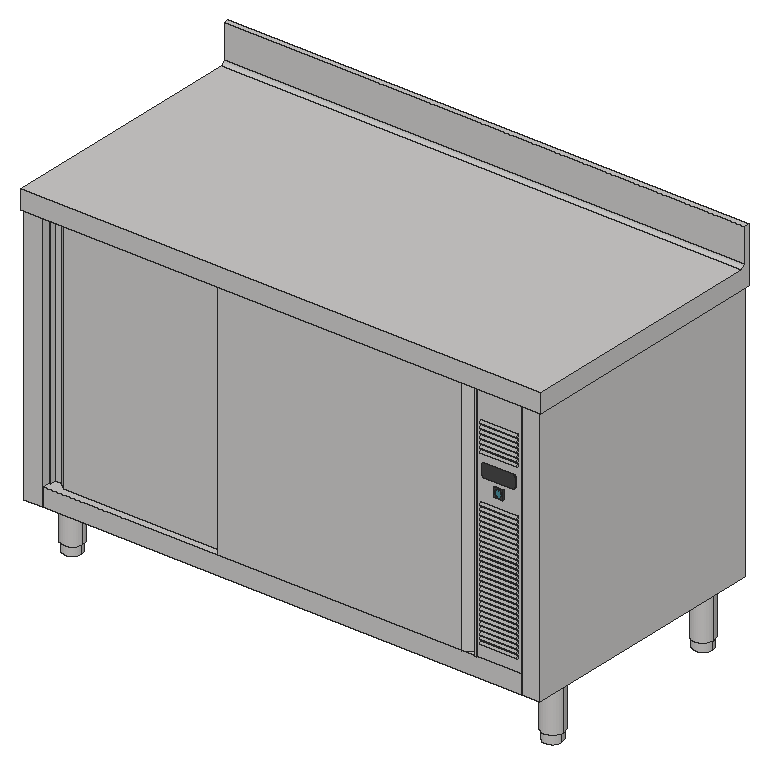
Revit family "QF_ELECTROLUXPROFESSIONAL_133094_TC1410EN", category Attrezzature speciali, Revit 2020
Family settings
  Quota connettore circolare = Usa diametro
  Tipo di parte = Normale
  Basato su piano di lavoro = No
  Sempre verticale = Sì
  Taglio con vuoti quando caricato = No
  Condiviso = No
  Punto di calcolo locali = No
Parameters (values of type "Standard")
  Weight = 60.00 kg
  Watts = 2400 W
  Volts = 220 V
  URL Manufacturer = "https://www.electroluxprofessional.com/"
  URL = "https://www.electroluxprofessional.com/"
  Steam Supply Size = 0 mm
  Steam Supply Minimum Pressure = 0.0 Pa
  Steam Supply Maximum Pressure = 0.0 Pa
  Steam Consumption per Hour = 0
  Refrigeration Suction Line Size = 0.0 mm
  Refrigeration Liquid Line Size = 0.0 mm
  Refrigerant Compressor Remote = yes
  Prospetto di default = 0.0 mm
  Produttore = "Electrolux Professional"
  Phase = 1
  Modello = "TC1410EN"
  Length Actual = 1400.0 mm  # constant formula
  Item Number = "133094"
  Hot Water Size = 0 mm
  Height Actual = 1000.0 mm  # constant formula
  HP = "3.2 HP"
  Gas Size = 0 mm
  Gas KW = 0
  Gas Input Pressure = 0 W
  Direct Waste Size = 0 mm
  Descrizione = "HOT CUPBOARD WITH UPSTAND 1400 MM"
  Depth Actual = 700.0 mm  # constant formula
  Cycle = 50 Hz
  Condensate Return Size = 0 mm
  Compressed Air Volume = 0.0 L/s
  Compressed Air Size = 0 mm
  Compressed Air Pressure = 0.0 Pa
  Cold Water Size = 0 mm
  Accessory = yes
Reference planes
  plane 1 "Center (Front/Back)": y = 0
  plane 2: z = 0
  plane 3 "Center (Left/Right)": x = -200
  plane 4 "LEFT": x = -900
  plane 5 "RIGHT": x = 500
  plane 6 "BACK": y = 350
  plane 7 "FRONT": y = -350
  plane 8 "Base": z = 850
  plane 9 "TOP": z = 900
  plane 10: x = -846.5
  plane 11: x = 446.5
  plane 12: y = 264.5
  plane 13: y = -241.5
  plane 14 "BodyLeft": x = -894.5
  plane 15 "BodyFront": y = -344.5
  plane 16 "BodyRight": x = 494.5
  plane 17 "BodyBack": y = 344.5
  plane 18 "FEET": z = 150
  plane 19: x = 324.5
  plane 20: x = -261
  plane 21: x = 444.5
  plane 22 "EIx": x = 400
  plane 23 "EIy": y = -170
Forms (mm)
  Extrusion 1, solid, material "QF_Finishes_Stainless Steel"
    sketch origin (-200, 0, 0) x (0, 1, 0) y (0, 0, 1)
      loop
        line (-350, 850) -> (350, 850) -> (350, 1000) -> (337, 1000) -> (337, 910)
        arc (337, 910) -> (334.071, 902.929) -> (327, 900) r 10
        line (327, 900) -> (-350, 900) -> (-350, 850)
    from 700 to -700
  Extrusion 2, solid, material "QF_Finishes_Stainless Steel"
    sketch origin (0, 0, 150) x (-1, 0, 0) y (0, -1, 0)
      loop
        line (894.5, -344.5) -> (894.5, 344.5) -> (844.5, 344.5) -> (844.5, -344.5) -> (894.5, -344.5)
      loop
        line (-444.5, -344.5) -> (-444.5, 344.5) -> (-494.5, 344.5) -> (-494.5, -344.5) -> (-444.5, -344.5)
    from 0 to 700
  Extrusion 3, solid, material "QF_Finishes_Stainless Steel"
    sketch origin (0, 0, 150) x (-1, 0, 0) y (0, -1, 0)
      loop
        line (844.5, -344.5) -> (844.5, 344.5) -> (-444.5, 344.5) -> (-444.5, -344.5) -> (844.5, -344.5)
    from 0 to 50
  Extrusion 4, solid, material "QF_Finishes_Stainless Steel"
    sketch origin (-1, 0, 150) x (-1, 0, 0) y (0, -1, 0)
      loop
        line (-325.5, 344.5) -> (-325.5, 324.5) -> (370.5, 324.5) -> (370.5, 344.5) -> (-285.5, 344.5) -> (-305.5, 329.5) -> (-320.5, 329.5) -> (-320.5, 344.5) -> (-325.5, 344.5)
    from 50 to 700
  Extrusion 5, solid, material "QF_Finishes_Stainless Steel"
    sketch origin (1, 20, 150) x (1, 0, 0) y (0, 1, 0)
      loop
        line (-845.5, -344.5) -> (-840.5, -344.5) -> (-840.5, -329.5) -> (-825.5, -329.5) -> (-805.5, -344.5) -> (-151.5, -344.5) -> (-151.5, -324.5) -> (-845.5, -324.5) -> (-845.5, -344.5)
    from 50 to 700
  Extrusion 6, solid, material "QF_Finishes_Stainless Steel"
    sketch origin (0, 0, 0) x (1, 0, 0) y (0, 1, 0)
      loop
        line (-844.5, -304.5) -> (324.5, -304.5) -> (324.5, 324.5) -> (-844.5, 324.5) -> (-844.5, -304.5)
    from 500 to 540
  Extrusion 7, solid, material "QF_Finishes_Stainless Steel"
    sketch origin (0, 0, 0) x (1, 0, 0) y (0, 1, 0)
      loop
        line (444.5, 344.5) -> (-844.5, 344.5) -> (-844.5, 324.5) -> (444.5, 324.5) -> (444.5, 344.5)
    from 200 to 850
  Extrusion 8, solid, material "QF_Finishes_Stainless Steel"
    sketch origin (0, 0, 150) x (-1, 0, 0) y (0, -1, 0)
      loop
        circle (-400, 170) r 10
    from 0 to -5
Cuts and joins
  joined: Extrusion 3, Extrusion 7
Lines and regions (mm)
  symbolic lines
    curve 1: line (500, 350, 900) -> (-900, 350, 900)
    curve 2: line (-900, 350, 900) -> (-900, -350, 900)
    curve 3: line (-900, -350, 900) -> (500, -350, 900)
    curve 4: line (500, -350, 900) -> (500, 350, 900)
    curve 15: line (500, 337, 900) -> (-900, 337, 900)
  symbolic lines, style "SpecialityEquipmentHiddenLines"
    curve 5: line (-894.5, 344.5, 150) -> (494.5, 344.5, 150)
    curve 6: line (-894.5, -344.5, 150) -> (-894.5, 344.5, 150)
    curve 7: line (494.5, -344.5, 150) -> (-894.5, -344.5, 150)
    curve 8: line (494.5, 344.5, 150) -> (494.5, -344.5, 150)
    curve 9: line (-845.5, -304.5, 150) -> (-149.5, -304.5, 150)
    curve 10: line (-149.5, -304.5, 150) -> (-149.5, -324.5, 150)
    curve 11: line (-845.5, -324.5, 150) -> (324.5, -324.5, 150)
    curve 12: line (324.5, -324.5, 150) -> (324.5, -344.5, 150)
    curve 13: line (-845.5, -304.5, 150) -> (-845.5, -324.5, 150)
    curve 14: line (-371.5, -344.5, 0) -> (-371.5, -324.5, 0)
Dimensions and locks
  plane 4 "LEFT" to plane 5 "RIGHT" = 1400.0 mm
  equal spacing: plane 4 "LEFT", plane 3 "Center (Left/Right)", plane 5 "RIGHT"
  locked: plane 8 "Base" to level at 850
  plane 9 "TOP" to level = 900.0 mm
  plane 6 "BACK" to plane 7 "FRONT" = 700.0 mm
  equal spacing: plane 6 "BACK", plane 1 "Center (Front/Back)", plane 7 "FRONT"
  locked: plane 4 "LEFT" to plane 14 "BodyLeft" at 5.5
  locked: plane 16 "BodyRight" to plane 5 "RIGHT" at 5.5
  locked: plane 15 "BodyFront" to plane 7 "FRONT" at 5.5
  locked: plane 6 "BACK" to plane 17 "BodyBack" at 5.5
  locked: plane 14 "BodyLeft" to plane 10 at 48
  locked: plane 11 to plane 16 "BodyRight" at 48
  locked: plane 13 to plane 15 "BodyFront" at 103
  locked: plane 17 "BodyBack" to plane 12 at 80
  plane 10 to plane 11 = 1293.0 mm
  plane 12 to plane 13 = 506.0 mm
  locked: plane 14 "BodyLeft" to Extrusion 2 sketch curve at 50
  locked: Extrusion 2 sketch curve to Extrusion 2 sketch curve at 50
  equal spacing: plane 10, plane 20, plane 19
  locked: plane 21 to plane 16 "BodyRight" at 50
  locked: plane 19 to plane 21 at 120
  locked: Extrusion 4 sketch curve to plane 20 at 110.5
  locked: plane 20 to Extrusion 5 sketch curve at 110.5
  locked: plane 18 "FEET" to level at 150
  locked: plane 22 "EIx" to plane 5 "RIGHT" at 100
  plane 23 "EIy" to plane 7 "FRONT" = 180.0 mm
  locked: Extrusion 1 to level at 1000
  aligned and locked: level to plane 2
  aligned and locked: plane 10 to nested 1
  aligned and locked: nested 1 to plane 13
  aligned and locked: plane 11 to nested 2
  aligned and locked: nested 2 to plane 13
  aligned and locked: plane 11 to nested 4
  aligned and locked: nested 4 to plane 12
  aligned and locked: plane 10 to nested 3
  aligned and locked: nested 3 to plane 12
  aligned and locked: Extrusion 1 to plane 4 "LEFT"
  aligned and locked: plane 5 "RIGHT" to Extrusion 1
  aligned and locked: curve 2 to plane 4 "LEFT"
  aligned and locked: plane 17 "BodyBack" to Extrusion 2 sketch curve
  aligned and locked: Extrusion 2 sketch curve to plane 15 "BodyFront"
  aligned and locked: Extrusion 2 sketch curve to plane 14 "BodyLeft"
  aligned and locked: plane 16 "BodyRight" to Extrusion 2 sketch curve
  aligned and locked: Extrusion 2 sketch curve to plane 17 "BodyBack"
  aligned and locked: plane 15 "BodyFront" to Extrusion 2 sketch curve
  aligned and locked: Extrusion 3 sketch curve to plane 17 "BodyBack"
  aligned and locked: plane 15 "BodyFront" to Extrusion 3 sketch curve
  aligned and locked: plane 8 "Base" to Extrusion 2
  aligned and locked: plane 8 "Base" to Extrusion 4
  aligned and locked: Extrusion 4 to Extrusion 3
  aligned and locked: Extrusion 1 to plane 8 "Base"
  aligned and locked: plane 9 "TOP" to Extrusion 1
  aligned and locked: curve 5 to plane 17 "BodyBack"
  aligned and locked: plane 14 "BodyLeft" to curve 6
  aligned and locked: plane 15 "BodyFront" to curve 7
  aligned and locked: plane 16 "BodyRight" to curve 8
  aligned and locked: Extrusion 3 to Extrusion 2  (x2)
  aligned and locked: Extrusion 6 sketch curve to Extrusion 2
  aligned and locked: Extrusion 6 sketch curve to Extrusion 5
  aligned and locked: nested 5 to plane 21
  aligned and locked: Extrusion 7 sketch curve to Extrusion 2
  aligned and locked: Extrusion 6 sketch curve to plane 19
Automatic sketch dimensions
  Extrusion 8 sketch curve to plane 22 "EIx" = 0.0 mm
  Extrusion 8 sketch curve to plane 23 "EIy" = 0.0 mm
  curve 14 to plane 15 "BodyFront" = 0.0 mm
  plane 15 "BodyFront" to curve 14 = 20.0 mm
  curve 14 to plane 20 = 110.5 mm
  curve 3 to plane 7 "FRONT" = 0.0 mm
  curve 15 to plane 5 "RIGHT" = 0.0 mm
  curve 4 to plane 6 "BACK" = 0.0 mm
  curve 15 to plane 17 "BodyBack" = 7.5 mm
  Extrusion 1 sketch curve to plane 7 "FRONT" = 0.0 mm
  Extrusion 1 sketch curve to plane 9 "TOP" = 0.0 mm
  Extrusion 1 sketch curve to plane 6 "BACK" = 0.0 mm
  Extrusion 1 sketch curve to plane 8 "Base" = 0.0 mm
  Extrusion 1 sketch curve to plane 17 "BodyBack" = 17.5 mm
  Extrusion 1 sketch curve to plane 17 "BodyBack" = 7.5 mm
  Extrusion 1 sketch curve to Extrusion 1 sketch curve = 90.0 mm
  Extrusion 3 sketch curve to plane 21 = 0.0 mm
  plane 10 to Extrusion 3 sketch curve = 2.0 mm
  Extrusion 4 sketch curve to plane 19 = 0.0 mm
  Extrusion 4 sketch curve to plane 15 "BodyFront" = 0.0 mm  (x2)
  Extrusion 4 sketch curve to Extrusion 4 sketch curve = 5.0 mm
  Extrusion 4 sketch curve to Extrusion 4 sketch curve = 15.0 mm  (x2)
  Extrusion 4 sketch curve to Extrusion 4 sketch curve = 20.0 mm  (x2)
  Extrusion 5 sketch curve to plane 15 "BodyFront" = 20.0 mm  (x2)
  Extrusion 5 sketch curve to plane 10 = 42.0 mm
  Extrusion 5 sketch curve to plane 10 = 22.0 mm
  Extrusion 5 sketch curve to plane 10 = 7.0 mm
  Extrusion 5 sketch curve to plane 10 = 2.0 mm
  Extrusion 5 sketch curve to Extrusion 5 sketch curve = 15.0 mm
  Extrusion 5 sketch curve to Extrusion 5 sketch curve = 20.0 mm
  curve 12 to plane 19 = 0.0 mm
  curve 7 to plane 15 "BodyFront" = 0.0 mm
  plane 3 "Center (Left/Right)" to curve 10 = 50.5 mm
  plane 10 to curve 13 = 1.0 mm
  plane 15 "BodyFront" to curve 9 = 40.0 mm
  plane 15 "BodyFront" to curve 11 = 20.0 mm
  Extrusion 6 sketch curve to plane 17 "BodyBack" = 20.0 mm
  Extrusion 7 sketch curve to plane 21 = 0.0 mm
  Extrusion 7 sketch curve to plane 17 "BodyBack" = 0.0 mm
  Extrusion 7 sketch curve to Extrusion 7 sketch curve = 20.0 mm
  radius of Extrusion 8 sketch curve = 10.0 mm
Nested families
  nested 1: "FEET_D58-150" at (-846.5, -241.5, 0), type "FEET_D58-150"
  nested 2: "FEET_D58-150" at (446.5, -241.5, 0), type "FEET_D58-150"
  nested 3: "FEET_D58-150" at (-846.5, 264.5, 0), type "FEET_D58-150"
  nested 4: "FEET_D58-150" at (446.5, 264.5, 0), type "FEET_D58-150"
  nested 5: "WT_PNL120x650" at (531.42, -304.5, 600) x (1, 0, 0) z (0, -1, 0), type "WT_PNL120x650"
    with Show Logo yes
Connectors
  electrical at (400, -170, 145)
    settings: on Extrusion 8, index 1, voltage 0 V, apparent load 0 VA, apparent load phase1 0 VA, apparent load phase2 0 VA, apparent load phase3 0 VA, power factor 1, load classification "Other", number of poles 1, system type 30, power factor state 1, is connector primary yes, connector utility no, sub classification motor no, connector description "Electrical connection"
Definition of nested family "FEET_D58-150"
  Parameters
    Default Elevation = 0.0 mm
    FEET = 150.0 mm
  Reference planes
    plane 1 "Center (Front/Back)": y = 0
    plane 2: z = 0
    plane 3 "Center (Left/Right)": x = 0
    plane 4: z = 150
  Forms (mm)
    Extrusion 1, solid
      sketch origin (0, 0, 0) x (1, 0, 0) y (0, 1, 0)
        loop
          circle (0, 0) r 25
      from 0 to 25
    Extrusion 2, solid
      sketch origin (0, 0, 0) x (1, 0, 0) y (0, 1, 0)
        loop
          circle (0.061, 0) r 29
      from 25 to 150 <- "FEET"
  Lines and regions (mm)
    symbolic lines
      curve 1: line (0, -1.503, 0) -> (0, 1.508, 0)
      curve 2: line (1.561, 0, 0) -> (-1.439, 0, 0)
  Dimensions and locks
    "FEET": plane 4 to plane 2
    aligned and locked: level to plane 2
  Automatic sketch dimensions
    plane 1 "Center (Front/Back)" to Extrusion 1 sketch curve = 0.0 mm
    Extrusion 1 sketch curve to plane 3 "Center (Left/Right)" = 0.0 mm
    plane 1 "Center (Front/Back)" to curve 2 = 0.0 mm
    curve 1 to plane 3 "Center (Left/Right)" = 0.0 mm
    curve 2 to plane 3 "Center (Left/Right)" = 1.439 mm
    plane 3 "Center (Left/Right)" to curve 2 = 1.561 mm
    plane 1 "Center (Front/Back)" to curve 1 = 1.503 mm
    curve 1 to plane 1 "Center (Front/Back)" = 1.508 mm
    plane 1 "Center (Front/Back)" to Extrusion 2 sketch curve = 0.0 mm
    plane 3 "Center (Left/Right)" to Extrusion 2 sketch curve = 0.061 mm
    radius of Extrusion 1 sketch curve = 25.0 mm
    radius of Extrusion 2 sketch curve = 29.0 mm
Definition of nested family "WT_PNL120x650"
  Parameters
    Show Logo [instance] = yes
    Default Elevation = 1219.2 mm
  Reference planes
    plane 1 "Center (Front/Back)": y = -75
    plane 2: z = 0
    plane 3 "Center (Left/Right)": x = -146.92
    plane 4: x = -206.92
    plane 5: x = -86.92
    plane 6: y = 250
    plane 7: y = -400
    plane 8 "TOP": z = 40
  Forms (mm)
    Extrusion 1, solid
      sketch origin (0, 0, 0) x (1, 0, 0) y (0, 1, 0)
        loop
          line (-1219.2, 1219.2) -> (-1219.2, -1219.2) -> (1219.2, -1219.2) -> (1219.2, 1219.2) -> (-1219.2, 1219.2)
      from 0 to -304.8
    Extrusion 2, solid
      sketch origin (0, 0, 0) x (1, 0, 0) y (0, 1, 0)
        loop
          line (-206.92, 250) -> (-206.92, -400) -> (-86.92, -400) -> (-86.92, 250) -> (-206.92, 250)
      from 0 to 40
    Extrusion 3, void
      sketch origin (0, 0, 40) x (-1, 0, 0) y (0, -1, 0)
        loop
          arc (101.92, -68.899) -> (103.795, -73.256) -> (108.247, -74.89) r 6
          line (108.247, -74.89) -> (185.92, -74.89)
          arc (185.92, -74.89) -> (190.163, -73.133) -> (191.92, -68.89) r 6
          line (191.92, -68.89) -> (191.92, -45.89)
          arc (191.92, -45.89) -> (190.163, -41.648) -> (185.92, -39.89) r 6
          line (185.92, -39.89) -> (107.92, -39.89)
          arc (107.92, -39.89) -> (103.677, -41.648) -> (101.92, -45.89) r 6
          line (101.92, -45.89) -> (101.92, -68.899)
        loop
          line (158.92, -27.89) -> (158.92, -2.89) -> (134.92, -2.89) -> (134.92, -27.89) -> (158.92, -27.89)
      from -2 to 0
    Extrusion 4, solid
      sketch origin (0, 0, 40) x (-1, 0, 0) y (0, -1, 0)
        loop
          line (185.92, -39.89) -> (107.92, -39.89)
          arc (107.92, -39.89) -> (103.677, -41.648) -> (101.92, -45.89) r 6
          line (101.92, -45.89) -> (101.92, -68.899)
          arc (101.92, -68.899) -> (103.795, -73.256) -> (108.247, -74.89) r 6
          line (108.247, -74.89) -> (185.92, -74.89)
          arc (185.92, -74.89) -> (190.163, -73.133) -> (191.92, -68.89) r 6
          line (191.92, -68.89) -> (191.92, -45.89)
          arc (191.92, -45.89) -> (190.163, -41.648) -> (185.92, -39.89) r 6
      from -2 to 1
    Extrusion 5, solid
      sketch origin (-146.92, 0, 0) x (0, 1, 0) y (0, 0, 1)
        loop
          line (95.896, 40) -> (104.899, 40) -> (95.896, 41.206) -> (95.896, 40)
        loop
          line (107.896, 40) -> (116.899, 40) -> (107.896, 41.206) -> (107.896, 40)
        loop
          line (119.896, 40) -> (128.899, 40) -> (119.896, 41.206) -> (119.896, 40)
        loop
          line (131.896, 40) -> (140.899, 40) -> (131.896, 41.206) -> (131.896, 40)
        loop
          line (143.896, 40) -> (152.899, 40) -> (143.896, 41.206) -> (143.896, 40)
        loop
          line (155.896, 40) -> (164.899, 40) -> (155.896, 41.206) -> (155.896, 40)
        loop
          line (167.896, 40) -> (176.899, 40) -> (167.896, 41.206) -> (167.896, 40)
        loop
          line (-102.104, 40) -> (-93.101, 40) -> (-102.104, 41.206) -> (-102.104, 40)
        loop
          line (-90.104, 40) -> (-81.101, 40) -> (-90.104, 41.206) -> (-90.104, 40)
        loop
          line (-78.104, 40) -> (-69.101, 40) -> (-78.104, 41.206) -> (-78.104, 40)
        loop
          line (-66.104, 40) -> (-57.101, 40) -> (-66.104, 41.206) -> (-66.104, 40)
        loop
          line (-54.104, 40) -> (-45.101, 40) -> (-54.104, 41.206) -> (-54.104, 40)
        loop
          line (-42.104, 40) -> (-33.101, 40) -> (-42.104, 41.206) -> (-42.104, 40)
        loop
          line (-30.104, 40) -> (-21.101, 40) -> (-30.104, 41.206) -> (-30.104, 40)
        loop
          line (-174.104, 40) -> (-165.101, 40) -> (-174.104, 41.206) -> (-174.104, 40)
        loop
          line (-162.104, 40) -> (-153.101, 40) -> (-162.104, 41.206) -> (-162.104, 40)
        loop
          line (-150.104, 40) -> (-141.101, 40) -> (-150.104, 41.206) -> (-150.104, 40)
        loop
          line (-138.104, 40) -> (-129.101, 40) -> (-138.104, 41.206) -> (-138.104, 40)
        loop
          line (-126.104, 40) -> (-117.101, 40) -> (-126.104, 41.206) -> (-126.104, 40)
        loop
          line (-114.104, 40) -> (-105.101, 40) -> (-114.104, 41.206) -> (-114.104, 40)
        loop
          line (-246.104, 40) -> (-237.101, 40) -> (-246.104, 41.206) -> (-246.104, 40)
        loop
          line (-234.104, 40) -> (-225.101, 40) -> (-234.104, 41.206) -> (-234.104, 40)
        loop
          line (-222.104, 40) -> (-213.101, 40) -> (-222.104, 41.206) -> (-222.104, 40)
        loop
          line (-210.104, 40) -> (-201.101, 40) -> (-210.104, 41.206) -> (-210.104, 40)
        loop
          line (-198.104, 40) -> (-189.101, 40) -> (-198.104, 41.206) -> (-198.104, 40)
        loop
          line (-186.104, 40) -> (-177.101, 40) -> (-186.104, 41.206) -> (-186.104, 40)
        loop
          line (-318.104, 40) -> (-309.101, 40) -> (-318.104, 41.206) -> (-318.104, 40)
        loop
          line (-306.104, 40) -> (-297.101, 40) -> (-306.104, 41.206) -> (-306.104, 40)
        loop
          line (-294.104, 40) -> (-285.101, 40) -> (-294.104, 41.206) -> (-294.104, 40)
        loop
          line (-282.104, 40) -> (-273.101, 40) -> (-282.104, 41.206) -> (-282.104, 40)
        loop
          line (-270.104, 40) -> (-261.101, 40) -> (-270.104, 41.206) -> (-270.104, 40)
        loop
          line (-258.104, 40) -> (-249.101, 40) -> (-258.104, 41.206) -> (-258.104, 40)
        loop
          line (-366.104, 40) -> (-357.101, 40) -> (-366.104, 41.206) -> (-366.104, 40)
        loop
          line (-354.104, 40) -> (-345.101, 40) -> (-354.104, 41.206) -> (-354.104, 40)
        loop
          line (-342.104, 40) -> (-333.101, 40) -> (-342.104, 41.206) -> (-342.104, 40)
        loop
          line (-330.104, 40) -> (-321.101, 40) -> (-330.104, 41.206) -> (-330.104, 40)
      from -50 to 50
    Extrusion 6, solid
      sketch origin (0, 0, 40) x (-1, 0, 0) y (0, -1, 0)
        loop
          line (134.92, -27.89) -> (158.92, -27.89) -> (158.92, -2.89) -> (134.92, -2.89) -> (134.92, -27.89)
        loop
          circle (146.92, -15.39) r 9
      from -2 to 3
    Extrusion 7, solid
      sketch origin (0, 0, 40) x (-1, 0, 0) y (0, -1, 0)
        loop
          circle (146.92, -15.39) r 9
      from 0 to 3
  Cuts and joins
    Extrusion 3 cuts Extrusion 2
  Dimensions and locks
    equal spacing: plane 6, plane 1 "Center (Front/Back)", plane 7
    equal spacing: plane 4, plane 3 "Center (Left/Right)", plane 5
    plane 8 "TOP" to level = 40.0 mm
    aligned and locked: plane 2 to Extrusion 1
    aligned and locked: level to Extrusion 1
  Automatic sketch dimensions
    Extrusion 1 sketch curve to Extrusion 1 sketch curve = 2438.4 mm  (x2)
    Extrusion 2 sketch curve to plane 4 = 0.0 mm
    Extrusion 2 sketch curve to plane 5 = 0.0 mm
    Extrusion 2 sketch curve to plane 7 = 0.0 mm
    Extrusion 2 sketch curve to plane 6 = 0.0 mm
    Extrusion 5 sketch curve to plane 8 "TOP" = 0.0 mm  (x36)
    Extrusion 5 sketch curve to Extrusion 5 sketch curve = 9.003 mm  (x35)
    plane 8 "TOP" to Extrusion 5 sketch curve = 1.206 mm  (x22)
    Extrusion 5 sketch curve to Extrusion 5 sketch curve = 2.997 mm  (x33)
    plane 1 "Center (Front/Back)" to Extrusion 5 sketch curve = 6.101 mm
    plane 1 "Center (Front/Back)" to Extrusion 5 sketch curve = 3.104 mm
    Extrusion 5 sketch curve to plane 1 "Center (Front/Back)" = 5.899 mm
    Extrusion 5 sketch curve to Extrusion 5 sketch curve = 116.997 mm
    Extrusion 5 sketch curve to Extrusion 5 sketch curve = 1.206 mm  (x14)
    Extrusion 4 sketch curve to plane 5 = 15.0 mm
    Extrusion 4 sketch curve to Extrusion 4 sketch curve = 6.0 mm  (x3)
    Extrusion 4 sketch curve to Extrusion 4 sketch curve = 0.327 mm
    plane 4 to Extrusion 4 sketch curve = 21.0 mm  (x2)
    Extrusion 4 sketch curve to plane 1 "Center (Front/Back)" = 149.89 mm
    Extrusion 4 sketch curve to Extrusion 4 sketch curve = 23.009 mm
    Extrusion 3 sketch curve to plane 5 = 15.0 mm
    Extrusion 3 sketch curve to Extrusion 3 sketch curve = 6.0 mm  (x3)
    Extrusion 3 sketch curve to Extrusion 3 sketch curve = 0.327 mm
    plane 3 "Center (Left/Right)" to Extrusion 3 sketch curve = 12.0 mm
    Extrusion 3 sketch curve to plane 3 "Center (Left/Right)" = 12.0 mm
    plane 4 to Extrusion 3 sketch curve = 21.0 mm  (x2)
    Extrusion 3 sketch curve to plane 1 "Center (Front/Back)" = 149.89 mm
    Extrusion 3 sketch curve to Extrusion 3 sketch curve = 23.0 mm
    Extrusion 3 sketch curve to Extrusion 3 sketch curve = 12.0 mm
    Extrusion 3 sketch curve to Extrusion 3 sketch curve = 25.0 mm
    Extrusion 6 sketch curve to plane 3 "Center (Left/Right)" = 0.0 mm
    plane 3 "Center (Left/Right)" to Extrusion 6 sketch curve = 12.0 mm
    Extrusion 6 sketch curve to plane 3 "Center (Left/Right)" = 12.0 mm
    Extrusion 6 sketch curve to plane 1 "Center (Front/Back)" = 102.89 mm
    Extrusion 6 sketch curve to Extrusion 6 sketch curve = 12.5 mm  (x2)
    Extrusion 7 sketch curve to plane 3 "Center (Left/Right)" = 0.0 mm
    Extrusion 7 sketch curve to plane 1 "Center (Front/Back)" = 90.39 mm
    radius of Extrusion 6 sketch curve = 9.0 mm
    radius of Extrusion 7 sketch curve = 9.0 mm
